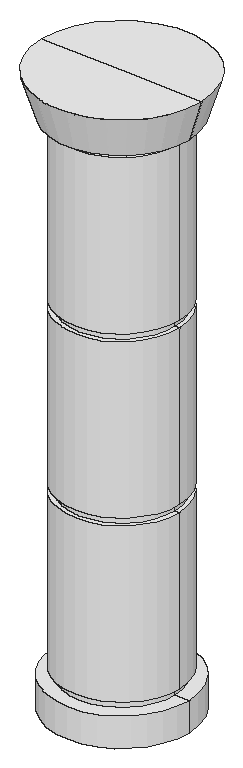
Revit family
Parameters (values of type "610mm Diameter")
  Base = 152.00 mm
  Capital = 203.00 mm
  Diameter = 610.00 mm
  Material = Metal - Aluminum
  Joint Depth = 25.00 mm
  Joint Width = 38.00 mm
  Offset base level = 0.00 mm
  Offset top level = 0.00 mm
Reference planes
  plane 1: y = 0
  plane 2: z = 0
  plane 3: x = 0
  plane 4: x = -305
  plane 5: x = 305
  plane 6: y = 305
  plane 7: y = -305
  plane 8: z = 152
  plane 9: z = 171
  plane 10: z = 190
  plane 11: z = 2778
  plane 12: z = 2797
  plane 13: z = 2759
  plane 14: z = 1909
  plane 15: z = 1040
  plane 16: z = 3000
  plane 17: z = 0
Forms (mm)
  Revolve 1, solid, material "Metal - Aluminum" <- "Material"
    sketch origin (0, 0, 0) x (1, 0, 0) y (0, 0, 1)
      loop
        line (0, 0) -> (-355.8, 0) -> (-355.8, 152) -> (-280, 152) -> (-280, 190) -> (-305, 190) -> (-305, 1021) -> (-280, 1021) -> (-280, 1059) -> (-305, 1059) -> (-305, 1890) -> (-280, 1890) -> (-280, 1928) -> (-305, 1928) -> (-305, 2759) -> (-280, 2759) -> (-280, 2797) -> (-355.8, 2797) -> (-419.3, 3000) -> (0, 3000)
      axis (0, 3000) -> (0, 0)
    angle from 0 to 360
Lines and regions (mm)
  symbolic lines, style "Columns"
    curve 1: arc (-280, 0, 0) -> (0, 280, 0) -> (280, 0, 0) r 280
    curve 2: arc (280, 0, 0) -> (0, -280, 0) -> (-280, 0, 0) r 280
    curve 3: arc (-305, 0, 0) -> (0, 305, 0) -> (305, 0, 0) r 305
    curve 4: arc (305, 0, 0) -> (0, -305, 0) -> (-305, 0, 0) r 305
  symbolic lines
    curve 5: arc (-355.8, 0, 0) -> (0, 355.8, 0) -> (355.8, 0, 0) r 355.8
    curve 6: arc (355.8, 0, 0) -> (0, -355.8, 0) -> (-355.8, 0, 0) r 355.8
Dimensions and locks
  equal spacing: plane 4, plane 3, plane 5
  equal spacing: plane 7, plane 1, plane 6
  "Diameter": plane 4 to plane 5
  "Diameter": plane 7 to plane 6
  equal spacing: plane 12, plane 11, plane 13
  equal spacing: plane 10, plane 9, plane 8
  equal spacing: plane 11, plane 14, plane 15, plane 9
  "Joint Width": plane 12 to plane 13
  equal spacing: Revolve 1 sketch curve, plane 14, Revolve 1 sketch curve
  "Joint Width": Revolve 1 sketch curve to Revolve 1 sketch curve  (x2)
  equal spacing: Revolve 1 sketch curve, plane 15, Revolve 1 sketch curve
  "Joint Width": plane 10 to plane 8
  "Joint Depth": plane 4 to Revolve 1 sketch curve  (x4)
  "Offset base level": plane 17 to level
  "Offset top level": level to plane 16
  "Base": plane 8 to plane 17
  "Capital": plane 16 to plane 12
  aligned and locked: plane 17 to Revolve 1 sketch curve
  aligned and locked: Revolve 1 sketch curve to plane 16
  aligned and locked: curve 1 to Revolve 1
  aligned and locked: curve 3 to Revolve 1
  aligned and locked: curve 5 to Revolve 1
Automatic sketch dimensions
  Revolve 1 sketch curve to plane 8 = 0.00 mm
  Revolve 1 sketch curve to plane 12 = 0.00 mm
  Revolve 1 sketch curve to plane 4 = 0.00 mm  (x3)
  Revolve 1 sketch curve to plane 13 = 0.00 mm
  Revolve 1 sketch curve to plane 10 = 0.00 mm
  Revolve 1 sketch curve to plane 3 = 0.00 mm
  plane 4 to Revolve 1 sketch curve = 114.30 mm
  plane 4 to Revolve 1 sketch curve = 50.80 mm  (x2)
